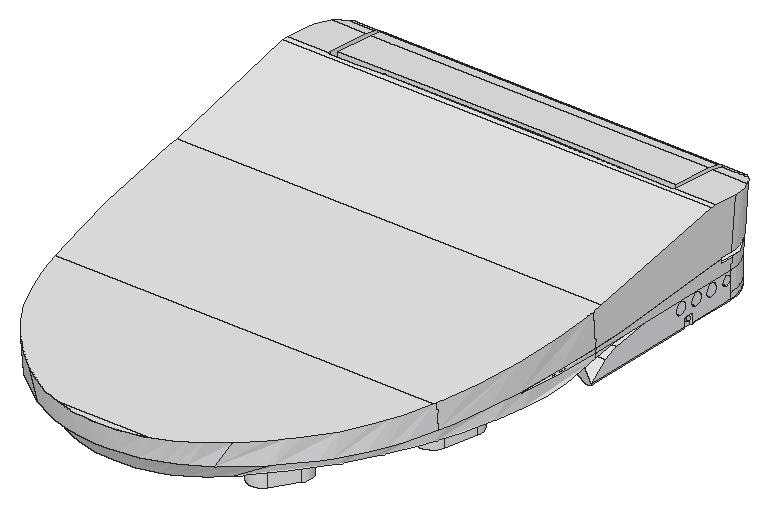
Revit family "Toilet_Seat-Elongated_Closed_Front-Cleansing-KOHLER-C3_1150-K-28362T", category Plumbing Fixtures, host Face, Revit 2021 (continued)
Definition of nested family "K-28362T"
  Lines and regions (in)
    symbolic lines, detail levels medium+fine
      curve 160: line (0, -1.81213, 1.21466) -> (0, -1.73983, 1.21466)
      curve 161: line (0, -3.29005, 1.39239) -> (0, -3.54651, 1.39239)
      curve 162: arc (0, -3.54651, 1.39239) -> (0, -3.60219, 1.36933) -> (0, -3.62525, 1.31365) r 0.07874
      curve 163: arc (0, -3.21131, 1.31365) -> (0, -3.23438, 1.36933) -> (0, -3.29005, 1.39239) r 0.07874
      curve 164: line (0, -3.21131, 1.31365) -> (0, -3.21131, 0.91732)
      curve 165: line (0, -3.62525, 1.31365) -> (0, -3.62525, 0.91732)
      curve 166: line (0, -3.12425, 1.38413) -> (0, -3.25494, 1.38413)
      curve 167: line (0, -2.46022, 1.17441) -> (0, -2.89432, 1.17441)
      curve 168: line (0, -1.81213, 1.176) -> (0, -0.20812, 1.176)
      curve 169: line (0, -1.81213, 1.21466) -> (0, -3.02881, 1.21466)
      curve 170: line (0, -1.89181, 1.21466) -> (0, -1.89181, 1.86201)
      curve 171: line (0, -2.24297, 1.86201) -> (0, -2.24297, 1.46831)
      curve 172: line (0, -2.24297, 1.46831) -> (0, -2.28177, 1.46831)
      curve 173: arc (0, -1.89181, 1.86201) -> (0, -2.06739, 2.03759) -> (0, -2.24297, 1.86201) r 0.17558
      curve 174: arc (0, -2.28177, 1.46831) -> (0, -2.57705, 1.76359) -> (0, -2.87232, 1.46831) r 0.29528
      curve 175: line (0, -2.87232, 1.46831) -> (0, -2.87232, 1.21466)
      curve 176: line (0, 0, 1.84336) -> (0, -0.19685, 1.84336)
      curve 177: line (0, -0.19685, 1.84336) -> (0, -0.19685, 1.38413)
      curve 178: line (0, -4.93094, 0.43136) -> (0, -4.44497, 0.91732)
      curve 179: line (0, -7.83541, 1.13476) -> (0, -3.61139, 1.13476)
      curve 180: line (0, -3.21131, 1.11549) -> (0, -3.02462, 1.11549)
      curve 181: line (0, -1.81213, 1.11549) -> (0, -0.26864, 1.11549)
      curve 182: line (0, -7.2775, 1.58243) -> (0, -7.46952, 1.176)
      curve 183: line (0, -7.46952, 1.176) -> (0, -7.21084, 0.91732)
      curve 184: spline (0, -0.0414, 3.06767) -> (0, -0.0578, 3.05496) -> (0, -0.07649, 3.04095) -> (0, -0.09744, 3.02569) -> (0, -0.12062, 3.00919) -> (0, -0.14598, 2.99148) -> (0, -0.17347, 2.97261) -> (0, -0.20306, 2.95259) -> (0, -0.23467, 2.93147) -> (0, -0.26827, 2.90929) -> (0, -0.30378, 2.88607) -> (0, -0.34114, 2.86188) -> (0, -0.38029, 2.83674)
      curve 185: spline (0, -0.38029, 2.83674) -> (0, -0.41028, 2.81904) -> (0, -0.44157, 2.80228) -> (0, -0.47411, 2.78649) -> (0, -0.50787, 2.77169) -> (0, -0.5428, 2.75789) -> (0, -0.57885, 2.74512) -> (0, -0.61599, 2.73339) -> (0, -0.65415, 2.72272) -> (0, -0.6933, 2.71311) -> (0, -0.73338, 2.70459) -> (0, -0.77434, 2.69717) -> (0, -0.81613, 2.69084)
      curve 186: spline (0, -0.73733, 2.51115) -> (0, -0.64545, 2.53324) -> (0, -0.55822, 2.55555) -> (0, -0.47606, 2.57799) -> (0, -0.39936, 2.60044) -> (0, -0.3285, 2.6228) -> (0, -0.26382, 2.64496) -> (0, -0.20561, 2.66681) -> (0, -0.15417, 2.68825) -> (0, -0.10974, 2.70918) -> (0, -0.07252, 2.7295) -> (0, -0.04271, 2.7491) -> (0, -0.02044, 2.7679)
      curve 187: arc (0, -1.76225, 1.85681) -> (0, -2.48359, 2.44738) -> (0, -3.12425, 1.77014) r 0.68413
      curve 188: line (0, -0.81613, 2.69084) -> (0, -2.3823, 2.52623)
      curve 189: line (0, -2.3823, 2.52623) -> (0, -4.64974, 2.44705)
      curve 190: line (0, -4.64974, 2.44705) -> (0, -12.87318, 2.0243)
      curve 191: arc (0, -12.87318, 2.0243) -> (0, -16.58763, 1.88077) -> (0, -20.30454, 1.83193) r 145.87605
      curve 192: arc (0, -20.0352, 1.78733) -> (0, -18.95252, 1.77332) -> (0, -17.86985, 1.78733) r 41.85311
      curve 193: arc (0, -17.86985, 1.78733) -> (0, -11.74924, 2.00831) -> (0, -5.63442, 2.35433) r 299.69268
      curve 194: arc (0, -5.63442, 2.35433) -> (0, -3.96644, 2.44313) -> (0, -2.29667, 2.48668) r 61.60574
      curve 195: arc (0, -2.29667, 2.48668) -> (0, -1.51569, 2.41541) -> (0, -0.73733, 2.51115) r 3.68202
      curve 196: arc (0, -6.96153, 1.62123) -> (0, -5.31908, 2.02172) -> (0, -3.68462, 2.45366) r 88.10831
      curve 197: arc (0, -6.85664, 1.76042) -> (0, -5.37976, 2.06015) -> (0, -3.92271, 2.44485) r 26.0288
      curve 198: arc (0, -5.09167, 2.3882) -> (0, -6.44282, 2.11565) -> (0, -7.80571, 1.90965) r 28.11493
      curve 199: arc (0, -7.80571, 1.90965) -> (0, -11.43775, 1.56762) -> (0, -15.08414, 1.45572) r 57.7178
      curve 200: arc (0, -15.08414, 1.45572) -> (0, -17.41157, 1.43448) -> (0, -19.7381, 1.36642) r 115.70256
      curve 201: line (0, -15.73157, 1.22238) -> (0, -17.50306, 1.19888)
      curve 202: line (0, -15.87791, 1.1253) -> (0, -17.33245, 1.10601)
      curve 203: line (0, -10.74329, 1.2966) -> (0, -13.00946, 1.2966)
      curve 204: line (-7.4128, -3.65709, 0) -> (-7.45552, -6.10457, 0)
      curve 205: line (0, -5.29395, 0.84881) -> (0, -4.96736, 0.84881)
      curve 206: line (0, -4.94137, 0.8748) -> (0, -4.94137, 0.91732)
      curve 207: line (0, -5.32277, 0.87763) -> (0, -5.32277, 0.91732)
      curve 208: arc (0, -4.96736, 0.84881) -> (0, -4.94898, 0.85642) -> (0, -4.94137, 0.8748) r 0.02599
      curve 209: arc (0, -5.29395, 0.84881) -> (0, -5.31433, 0.85725) -> (0, -5.32277, 0.87763) r 0.02882
      curve 210: arc (6.62148, 0, 1.83956) -> (6.33623, 0, 1.77928) -> (6.04824, 0, 1.7338) r 5.64484
      curve 211: line (-1.02586, 0, 0.91732) -> (-1.02586, 0, 1.02814)
      curve 212: line (1.02586, 0, 0.91732) -> (1.02586, 0, 1.02814)
      curve 213: line (-7.47268, 0, 3.77612) -> (-7.47268, 0, 3.99081)
      curve 214: arc (-7.31333, 0, 1.97927) -> (-7.29087, 0, 1.89978) -> (-7.26172, 0, 1.82249) r 0.96754
      curve 215: arc (-7.23601, 0, 1.6956) -> (-7.28764, 0, 1.77429) -> (-7.31333, 0, 1.86482) r 0.31058
      curve 216: arc (-7.31333, 0, 2.04835) -> (-6.69764, 0, 1.81807) -> (-6.0457, 0, 1.73392) r 2.86996
      curve 217: arc (7.31333, 0, 1.88549) -> (7.2553, 0, 1.79061) -> (7.18154, 0, 1.70736) r 0.63206
      curve 218: arc (7.21401, 0, 1.67304) -> (7.27102, 0, 1.73929) -> (7.31333, 0, 1.81577) r 0.42666
      curve 219: arc (7.31333, 0, 2.0486) -> (6.9705, 0, 1.93382) -> (6.62148, 0, 1.83956) r 6.09695
  Dimensions and locks (in)
    locked: plane 11 to plane 1 "Center (Front/Back)" at 20.43307
    locked: plane 11 to plane 12 at 19.62992
    locked: plane 18 to plane 17 at 7.88189
    locked: plane 16 to plane 15 at 11.42126
    locked: plane 19 to level at 4.48425
    locked: plane 19 to plane 20 at 3.56693
    locked: plane 22 to plane 20 at 1.81102
    locked: plane 23 to plane 20 at 1.43701
    plane 10 to plane 9 = 15.06299"
    aligned and locked: plane 2 to level
    aligned and locked: plane 28 to Masking region 1
    aligned and locked: plane 31 to Masking region 2
